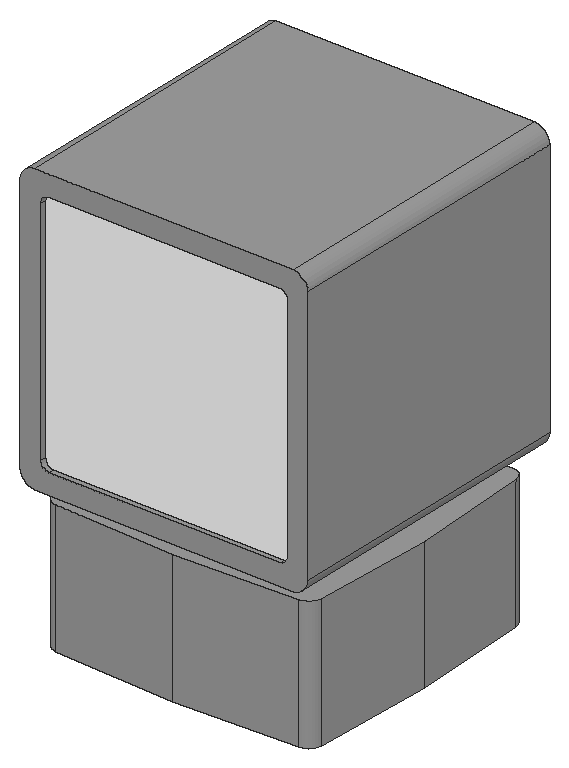
Revit family "3080089 Feilo Sylvania Lighting Fixtures INVERTO DIRECT WW 1-10V BLACK", category Lighting Fixtures, host Face, Revit 2017
Family settings
  Host = Face
  Round Connector Dimension = Use Diameter
  Part Type = Normal
  Cut with Voids When Loaded = No
  Light Source = Yes
  Shared = No
  Room Calculation Point = No
Parameters (values of type "3080089 INVERTO DIRECT WW 1-10V BLACK")
  Weight = "1.461 kg"
  Wattage Comments = "n/a"
  Wattage = 16 W
  WarrantyStartDate [instance] = "n/a"
  WarrantyGuarantorParts = "n/a"
  WarrantyDurationUnit = "n/a"
  WarrantyDurationParts = "n/a"
  WarrantyDescription = "n/a"
  built-in parameter 1150110 = 1 (stored number, unit not read)
  Voltage = 230 V
  URL = "http://www.sylvania-lighting.com"
  TypeName = "INVERTO DIRECT WW 1-10V BLACK"
  Type Image = <None>
  Type Comments = "n/a"
  built-in parameter 1114217 = 1 (stored number, unit not read)
  Tilt Angle = -90.00°
  built-in parameter 1150109 = 1 (stored number, unit not read)
  built-in parameter 1150134 = (empty or 0)
  built-in parameter 1150113 = 1 (stored number, unit not read)
  SerialNumber [instance] = "n/a"
  PowerFactor = 0
  PowerConsumption = "16 W"
  Photometric Web File = "3080089.ies"
  NominalLength = 162 mm
  NominalHeight = 110 mm
  NominalDepth = 110 mm
  Name = "INVERTO DIRECT WW 1-10V BLACK"
  ModelReference = "INVERTO DIRECT WW 1-10V BLACK"
  ModelNumber = "3080089"
  Model = "INVERTO DIRECT WW 1-10V BLACK"
  Material = "aluminium housing, glass diffuser"
  ManufacturerName = "Feilo Sylvania"
  Manufacturer = "Feilo Sylvania"
  LuminousEfficacy = "98 lm/W"
  built-in parameter 1150105 = 124.78 (stored number, unit not read)
  Lumens = 1568 lm
  LuminaireType = ""
  built-in parameter 1150115 = 1 (stored number, unit not read)
  LightOutputRatio = "100"
  built-in parameter 1150137 = (empty or 0)
  built-in parameter 1150139 = (empty or 0)
  LampsType = Lamp  # "LED"
  LampNominalLuminous = "1566 / 1980 lm"
  LampMacAdamStep = "n/a"
  LampColourTemperature = "3000 K"
  LampColourRenderingIndex = "80"
  built-in parameter 1150112 = 1 (stored number, unit not read)
  built-in parameter 1150114 = 1 (stored number, unit not read)
  Lamp = "LED"
  Keynote = "16500"
  InstallationDate [instance] = "n/a"
  InputVoltage = "220-240V~"
  InputNominalFrequency = "50/60 Hz"
  built-in parameter 1150132 = 2
  built-in parameter 1150102 = (empty or 0)
  built-in parameter 1150107 = 3000 (stored number, unit not read)
  built-in parameter 1150138 = (empty or 0)
  IngressProtection = "IP65"
  ImpactProtectionIndex = "IK07"
  built-in parameter 1150106 = 1.2478 (stored number, unit not read)
  IfcExportType = "IfcLightFixtureType"
  IfcExportAs = "IfcLightFixtureType"
  HousingMaterial = Default
  ExpectedLife = 50000
  Emit from Rectangle Width = 90 mm
  Emit from Rectangle Length = 90 mm
  Emit Shape Visible in Rendering = no
  ElectricShockClassification = "Class I"
  built-in parameter 1150104 = 9.1045 (stored number, unit not read)
  DurationUnit = "hours"
  DocumentationLiterature = "http://www.sylvania-lighting.com/product/en-int/products/3080089"
  DimmingControlOptions = "Dimmable"
  Dimming Lamp Color Temperature Shift = <None>
  Description = "Surface Wall mounted luminaire, wire to base with pluggable connection for easy installation,  suitable for looping, switchable driver, black coloured aluminium housing, 1,617lm or 2,045lm, 16W or 19W, 102lm/W or 107lm/W, 3000K, 350mA or 450mA , CRI:80,  40° beam Angle, 1-10V dimmable, IP65, IK02, 50,000hrs (L70),  23.00x19.4x11.5mm."
  Default Elevation = 1219.2 mm
  CreatedOn = "17/11/2017"
  CreatedBy = ""
  Cost = 0
  Color Filter = 16777215
  built-in parameter 1114216 [instance] = (empty or 0)
  Calculate Coefficient of Utilization = no
  BarCode [instance] = "n/a"
  built-in parameter 1114218 = 1 (stored number, unit not read)
  built-in parameter 1150133 = 10 (stored number, unit not read)
  AssetType = "Fixed"
  AssetIdentifier [instance] = "n/a"
  Assembly Code = "D5020200"
  Apparent Load = 16 VA
Reference planes
  plane 1 "Center (Front/Back)": y = 0
  plane 2: z = 0
  plane 3 "Center (Left/Right)": x = 0
  plane 4: x = 51
  plane 5: x = -51
  plane 6: y = -51
  plane 7: y = 51
  plane 8: x = -55
  plane 9: x = 55
  plane 10: y = 55
  plane 11: y = -55
  plane 12: z = 48
  plane 13: z = 162
  plane 14: z = 52
  plane 15: y = -40
  plane 16: y = 40
  plane 17: x = -40
  plane 18: x = 40
  plane 19: z = 62
  plane 20: z = 152
  plane 21: x = -45
  plane 22: x = 45
  plane 23: y = 48.5
  plane 24: x = -48.5
  plane 25: x = 48.5
  plane 26: y = -48.5
  plane 27: z = 107
  plane 28: z = 159
  plane 29: x = -52
  plane 30: z = 55
  plane 31: x = 52
Forms (mm)
  Extrusion 1, solid, material "Default", detail levels medium+fine
    sketch origin (0, 0, 0) x (0, 1, 0) y (0, 0, 1)
      loop
        line (-51, 48) -> (-51, 0) -> (51, 0) -> (51, 48) -> (-51, 48)
    from -51 to 51
  Extrusion 2, solid, material "Default", detail levels medium+fine
    sketch origin (0, 0, 0) x (0, 1, 0) y (0, 0, 1)
      loop
        line (-40, 48) -> (40, 48) -> (40, 55) -> (-40, 55) -> (-40, 48)
    from -40 to 40
  Extrusion 3, void, detail levels medium+fine
    sketch origin (0, 0, 0) x (1, 0, 0) y (0, 1, 0)
      loop
        arc (-44.399, 48.906) -> (-22.224, 50.476) -> (0, 51) r 471.7
        line (0, 51) -> (-51, 51) -> (-51, 0)
        arc (-51, 0) -> (-50.476, 22.224) -> (-48.906, 44.399) r 471.7
        arc (-48.906, 44.399) -> (-47.464, 47.464) -> (-44.399, 48.906) r 5
    from 0 to 48
  Extrusion 4, void, detail levels medium+fine
    sketch origin (0, 0, 0) x (-1, 0, 0) y (0, -1, 0)
      loop
        arc (-44.399, -48.906) -> (-47.464, -47.464) -> (-48.906, -44.399) r 5
        arc (-48.906, -44.399) -> (-50.476, -22.224) -> (-51, 0) r 471.7
        line (-51, 0) -> (-51, -51) -> (0, -51)
        arc (0, -51) -> (-22.224, -50.476) -> (-44.399, -48.906) r 471.7
    from 0 to 48
  Extrusion 5, void, detail levels medium+fine
    sketch origin (0, 0, 0) x (1, 0, 0) y (0, 1, 0)
      loop
        arc (-44.399, -48.906) -> (-47.464, -47.464) -> (-48.906, -44.399) r 5
        arc (-48.906, -44.399) -> (-50.476, -22.224) -> (-51, 0) r 471.7
        line (-51, 0) -> (-51, -51) -> (0, -51)
        arc (0, -51) -> (-22.224, -50.476) -> (-44.399, -48.906) r 471.7
    from 0 to 48
  Extrusion 6, void, detail levels medium+fine
    sketch origin (0, 0, 0) x (-1, 0, 0) y (0, -1, 0)
      loop
        arc (-44.399, 48.906) -> (-22.224, 50.476) -> (0, 51) r 471.7
        line (0, 51) -> (-51, 51) -> (-51, 0)
        arc (-51, 0) -> (-50.476, 22.224) -> (-48.906, 44.399) r 471.7
        arc (-48.906, 44.399) -> (-47.464, 47.464) -> (-44.399, 48.906) r 5
    from 0 to 48
  Extrusion 7, solid, material "Default", detail levels medium+fine
    sketch origin (0, 0, 0) x (1, 0, 0) y (0, 0, 1)
      loop
        arc (-47.19, 159.531) -> (-50.806, 157.806) -> (-52.531, 154.19) r 6
        arc (-52.531, 154.19) -> (-55, 107) -> (-52.531, 59.81) r 452.167
        arc (-52.531, 59.81) -> (-50.806, 56.194) -> (-47.19, 54.469) r 6
        arc (-47.19, 54.469) -> (0, 52) -> (47.19, 54.469) r 452.167
        arc (47.19, 54.469) -> (50.806, 56.194) -> (52.531, 59.81) r 6
        arc (52.531, 59.81) -> (55, 107) -> (52.531, 154.19) r 452.167
        arc (52.531, 154.19) -> (50.806, 157.806) -> (47.19, 159.531) r 6
        arc (47.19, 159.531) -> (0, 162) -> (-47.19, 159.531) r 452.167
    from -55 to 55
  Extrusion 8, solid, material "Default" <- "HousingMaterial", detail levels coarse
    sketch origin (0, 0, 0) x (1, 0, 0) y (0, 0, 1)
      loop
        line (-55, 162) -> (-55, 52) -> (55, 52) -> (55, 162) -> (-55, 162)
    from -55 to 55
  Extrusion 9, void
    sketch origin (1524, -55, 1219.2) x (-1, 0, 0) y (0, 0, 1)
      loop
        line (1566, -1067.2) -> (1482, -1067.2)
        arc (1482, -1067.2) -> (1479.879, -1068.079) -> (1479, -1070.2) r 3
        line (1479, -1070.2) -> (1479, -1154.2)
        arc (1479, -1154.2) -> (1479.879, -1156.321) -> (1482, -1157.2) r 3
        line (1482, -1157.2) -> (1566, -1157.2)
        arc (1566, -1157.2) -> (1568.121, -1156.321) -> (1569, -1154.2) r 3
        line (1569, -1154.2) -> (1569, -1070.2)
        arc (1569, -1070.2) -> (1568.121, -1068.079) -> (1566, -1067.2) r 3
    from 0 to 4
  Extrusion 10, solid, material "Diffuser-Sylvania-Glow"
    sketch origin (1524, -51, 1219.2) x (1, 0, 0) y (0, 0, 1)
      loop
        line (-1566, -1157.2) -> (-1482, -1157.2)
        arc (-1482, -1157.2) -> (-1479.879, -1156.321) -> (-1479, -1154.2) r 3
        line (-1479, -1154.2) -> (-1479, -1070.2)
        arc (-1479, -1070.2) -> (-1479.879, -1068.079) -> (-1482, -1067.2) r 3
        line (-1482, -1067.2) -> (-1566, -1067.2)
        arc (-1566, -1067.2) -> (-1568.121, -1068.079) -> (-1569, -1070.2) r 3
        line (-1569, -1070.2) -> (-1569, -1154.2)
        arc (-1569, -1154.2) -> (-1568.121, -1156.321) -> (-1566, -1157.2) r 3
    from 0 to 2
  Extrusion 11, solid, material "Default", detail levels coarse
    sketch origin (0, 0, 0) x (1, 0, 0) y (0, 1, 0)
      loop
        line (-51, 51) -> (-51, -51) -> (51, -51) -> (51, 51) -> (-51, 51)
    from 0 to 48
Cuts and joins
  Extrusion 3, Extrusion 4, Extrusion 5, Extrusion 6 cuts Extrusion 1
  Extrusion 9 cuts Extrusion 2
  Extrusion 9 cuts Extrusion 7
  joined: Extrusion 2, Extrusion 7
  Extrusion 9 cuts Extrusion 8
Dimensions and locks
  equal spacing: plane 5, plane 3 "Center (Left/Right)", plane 4
  locked: plane 5 to plane 4 at 102
  equal spacing: plane 6, plane 1 "Center (Front/Back)", plane 7
  locked: plane 6 to plane 7 at 102
  equal spacing: plane 11, plane 1 "Center (Front/Back)", plane 10
  locked: plane 11 to plane 10 at 110
  equal spacing: plane 8, plane 3 "Center (Left/Right)", plane 9
  locked: plane 8 to plane 9 at 110
  locked: plane 12 to plane 2 at 48
  locked: plane 12 to plane 14 at 4
  locked: plane 13 to plane 2 at 162
  equal spacing: plane 15, plane 1 "Center (Front/Back)", plane 16
  locked: plane 15 to plane 16 at 80
  equal spacing: plane 17, plane 3 "Center (Left/Right)", plane 18
  locked: plane 17 to plane 18 at 80
  locked: plane 19 to plane 14 at 10
  locked: plane 13 to plane 20 at 10
  locked: plane 21 to plane 8 at 10
  locked: plane 9 to plane 22 at 10
  plane 19 to plane 14 = 10 mm
  locked: plane 27 to plane 2 at 107
  locked: plane 29 to plane 8 at 3
  locked: plane 13 to plane 28 at 3
  locked: plane 9 to plane 31 at 3
  locked: plane 30 to plane 14 at 3
  aligned and locked: plane 2 to host face
  aligned and locked: level to host face
  aligned and locked: plane 12 to Extrusion 1 sketch curve
  aligned and locked: Extrusion 1 sketch curve to plane 6
  aligned and locked: level to Extrusion 1 sketch curve
  aligned and locked: plane 7 to Extrusion 1 sketch curve
  aligned and locked: plane 4 to Extrusion 1
  aligned and locked: Extrusion 1 to plane 5
  aligned and locked: plane 12 to Extrusion 2 sketch curve
  aligned and locked: plane 15 to Extrusion 2 sketch curve
  aligned and locked: Extrusion 2 sketch curve to plane 16
  aligned and locked: Extrusion 3 sketch curve to Extrusion 1
  aligned and locked: Extrusion 3 to level
  aligned and locked: Extrusion 3 to plane 12
  aligned and locked: Extrusion 7 to plane 10
  aligned and locked: plane 11 to Extrusion 7
  aligned and locked: Extrusion 2 to plane 30
  aligned and locked: plane 13 to Extrusion 8 sketch curve
  aligned and locked: Extrusion 8 sketch curve to plane 14
  aligned and locked: Extrusion 8 sketch curve to plane 9
  aligned and locked: plane 11 to Extrusion 8
  aligned and locked: Extrusion 8 to plane 10
  aligned and locked: Extrusion 9 sketch curve to plane 20
  aligned and locked: plane 19 to Extrusion 9 sketch curve
  aligned and locked: plane 11 to Extrusion 9
  aligned and locked: Extrusion 9 to plane 6
  aligned and locked: Extrusion 10 to plane 6
  aligned and locked: plane 22 to Extrusion 9 sketch curve
  aligned and locked: Extrusion 9 sketch curve to plane 21
  aligned and locked: plane 21 to Extrusion 10 sketch curve
  aligned and locked: Extrusion 10 sketch curve to plane 22
  aligned and locked: plane 7 to Extrusion 11 sketch curve
  aligned and locked: plane 5 to Extrusion 11 sketch curve
  aligned and locked: Extrusion 11 sketch curve to plane 6
  aligned and locked: Extrusion 11 sketch curve to plane 4
  aligned and locked: Extrusion 11 to level
  aligned and locked: Extrusion 11 to plane 12
  aligned and locked: imposter light to Extrusion 10
  aligned and locked: imposter light to plane 27
Automatic sketch dimensions
  host sketch curve to host sketch curve = 2438.4 mm  (x2)
  Extrusion 3 sketch curve to plane 3 "Center (Left/Right)" = 0 mm
  plane 1 "Center (Front/Back)" to Extrusion 3 sketch curve = 0 mm
  plane 7 to Extrusion 3 sketch curve = 0 mm
  plane 21 to Extrusion 3 sketch curve = 1.072 mm
  plane 9 to Extrusion 3 sketch curve = 365.7 mm
  plane 11 to Extrusion 3 sketch curve = 365.7 mm
  Extrusion 3 sketch curve to plane 16 = 3.928 mm
  Extrusion 3 sketch curve to Extrusion 3 sketch curve = 0 mm
  plane 1 "Center (Front/Back)" to Extrusion 4 sketch curve = 0 mm
  Extrusion 4 sketch curve to plane 4 = 0 mm
  Extrusion 4 sketch curve to plane 3 "Center (Left/Right)" = 0 mm
  plane 7 to Extrusion 4 sketch curve = 0 mm
  plane 22 to Extrusion 4 sketch curve = 1.072 mm
  plane 8 to Extrusion 4 sketch curve = 365.7 mm
  Extrusion 4 sketch curve to plane 11 = 365.7 mm
  plane 16 to Extrusion 4 sketch curve = 3.928 mm
  Extrusion 4 sketch curve to Extrusion 4 sketch curve = 0 mm
  plane 1 "Center (Front/Back)" to Extrusion 5 sketch curve = 0 mm
  Extrusion 5 sketch curve to plane 5 = 0 mm
  Extrusion 5 sketch curve to plane 3 "Center (Left/Right)" = 0 mm
  plane 6 to Extrusion 5 sketch curve = 0 mm
  Extrusion 5 sketch curve to plane 21 = 1.072 mm
  Extrusion 5 sketch curve to plane 9 = 365.7 mm
  plane 10 to Extrusion 5 sketch curve = 365.7 mm
  Extrusion 5 sketch curve to plane 15 = 3.928 mm
  Extrusion 5 sketch curve to Extrusion 5 sketch curve = 0 mm
  plane 1 "Center (Front/Back)" to Extrusion 6 sketch curve = 0 mm
  Extrusion 6 sketch curve to plane 4 = 0 mm
  Extrusion 6 sketch curve to plane 3 "Center (Left/Right)" = 0 mm
  plane 6 to Extrusion 6 sketch curve = 0 mm
  Extrusion 6 sketch curve to plane 22 = 1.072 mm
  Extrusion 6 sketch curve to plane 8 = 365.7 mm
  Extrusion 6 sketch curve to plane 10 = 365.7 mm
  plane 15 to Extrusion 6 sketch curve = 3.928 mm
  Extrusion 6 sketch curve to Extrusion 6 sketch curve = 0 mm
  Extrusion 7 sketch curve to plane 27 = 0 mm  (x2)
  Extrusion 7 sketch curve to plane 3 "Center (Left/Right)" = 0 mm  (x2)
  Extrusion 7 sketch curve to plane 8 = 342.167 mm
  Extrusion 7 sketch curve to plane 21 = 1.564 mm
  Extrusion 7 sketch curve to plane 17 = 6.564 mm
  plane 18 to Extrusion 7 sketch curve = 6.564 mm  (x2)
  plane 9 to Extrusion 7 sketch curve = 342.167 mm
  plane 19 to Extrusion 7 sketch curve = 1.564 mm  (x2)
  Extrusion 7 sketch curve to level = 290.167 mm
  Extrusion 7 sketch curve to plane 20 = 1.564 mm  (x2)
  Extrusion 7 sketch curve to plane 13 = 342.167 mm
  Extrusion 7 sketch curve to Extrusion 7 sketch curve = 0 mm  (x7)
  Extrusion 7 sketch curve to plane 29 = 0.531 mm
  Extrusion 2 sketch curve to plane 14 = 3 mm
  Extrusion 8 sketch curve to plane 8 = 0 mm
  plane 18 to Extrusion 9 sketch curve = 2 mm  (x2)
  Extrusion 9 sketch curve to plane 17 = 2 mm  (x2)
  Extrusion 10 sketch curve to plane 19 = 0 mm
  Extrusion 10 sketch curve to plane 20 = 0 mm
  Extrusion 10 sketch curve to plane 17 = 2 mm  (x2)
  plane 18 to Extrusion 10 sketch curve = 2 mm  (x2)
Connectors
  electrical at (0, 0, 0), driven by "Apparent Load"
    settings: index 1, voltage 230 V, apparent load 16 VA, apparent load phase1 0 VA, apparent load phase2 0 VA, apparent load phase3 0 VA, power factor 0, load classification "Lighting", number of poles 1, system type 30, power factor state 1, is connector primary yes, connector utility no, sub classification motor no, connector description ""
